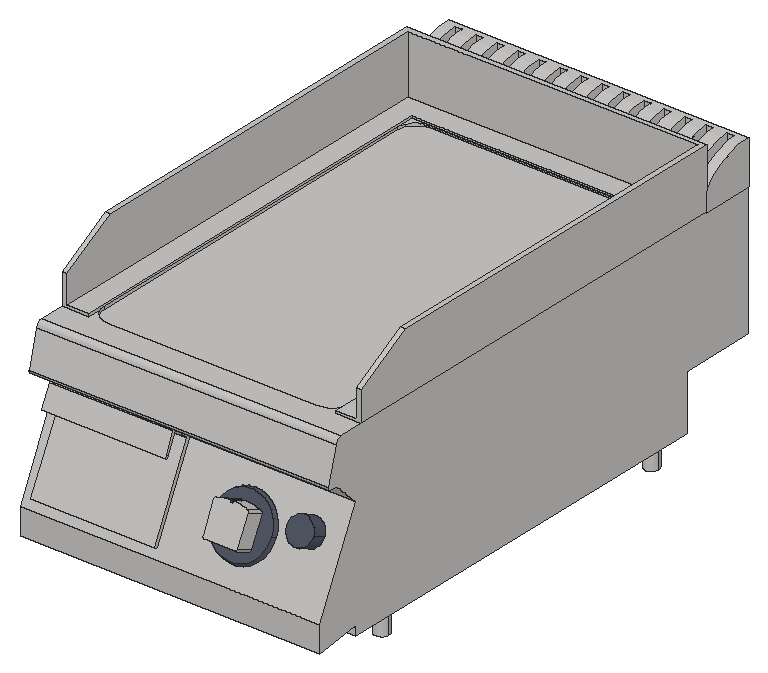
Revit family "QF_ZANUSSI_372037_Z7FTGDCS00", category Specialty Equipment, Revit 2018
Family settings
  Round Connector Dimension = Use Diameter
  Part Type = Normal
  Work Plane-Based = No
  Always vertical = Yes
  Cut with Voids When Loaded = No
  Shared = No
  Room Calculation Point = No
Parameters
  Width = 400 mm  # constant formula
  Weight in Pounds = 88  # constant formula
  Weight = 0.00 kg
  Watts = 0 W
  Volts = 0 V
  URL Manufacturer = "http://www.zanussiprofessional.com"
  URL Cutsheet = "www.electrolux.com/foodservice"
  URL = "http://www.zanussiprofessional.com"
  Type Mark [instance] = ""
  Steam Supply Size = 0"
  Steam Supply Minimum Pressure = 0.00 psi
  Steam Supply Maximum Pressure = 0.00 psi
  Steam Pounds per Hour = 0
  Status [instance] = ""
  Specification by User [instance] = ""
  Specification by Manufacturer = ""
  Show Logo [instance] = yes
  Show Clearance [instance] = yes
  Serial Number = ""
  Seismic Rating = ""
  SMACNA No = ""
  Revision Code [instance] = ""
  Refrigeration Suction Line Size = 0"
  Refrigeration Liquid Line Size = 0"
  Refrigerant Compressor Remote = yes
  Phase = 0
  Omniclass Number and Title = ""
  NAFEM Spec ID Number = ""
  Model = "Z7FTGDCS00"
  Mechanical Remarks = ""
  Mechanical Connection Type = ""
  Masterspec = ""
  Manufacturer = "Zanussi"
  Length Actual = 400 mm  # constant formula
  Item Number [instance] = "372037"
  Installed By [instance] = ""
  Identify Quantity as Lot [instance] = yes
  Hot Water Size = 0"
  Height Actual = 250 mm  # constant formula
  Height = 355 mm  # constant formula
  HP = "0 HP"
  Gas Size = 1/2"  # constant formula
  Gas RI Height [instance] = 0 mm
  Gas KW = 7  # constant formula
  Gas Input [instance] = 23863.0 Btu/h  # constant formula
  Gas Connection Height = 0 mm
  Furnished By [instance] = ""
  Foodservice Equipment Identifier [instance] = yes
  Direct Waste Size = 0"
  Description = "GAS FRY TOP-SMOOTH CHROME PLATE 400 MM"
  Depth Actual = 700 mm  # constant formula
  Depth = 715 mm  # constant formula
  Cycle = 0 Hz
  Condensate Return Size = 0"
  Compressed Air Volume = 0 GPM
  Compressed Air Size = 0"
  Compressed Air Pressure = 0.00 psi
  Cold Water Size = 0"
  CSI MasterFormat = ""
  CSI Master Format = ""
  Base Height [instance] = 24 mm  # constant formula
  Assembly Code = ""
  Accessory = yes
Reference planes
  plane 1 "BACK": y = 0
  plane 2: z = 0
  plane 3 "LEFT": x = 0
  plane 4 "RIGHT": x = 400
  plane 5 "FRONT": y = -715
  plane 6 "TOP": z = 288.925
  plane 7 "Center Y": x = 200
  plane 8 "Center X": y = -357.5
  plane 9 "BASE": z = 24
  plane 10 "TOP A": z = 274
  plane 11: y = -597.884
  plane 12: y = -147.637
  plane 13: z = 355
  plane 14: through (-6096, -715, 65.146) normal (0, 0.8956, -0.4448)
  plane 15 "panel": through (-6096, -655.161, 185.641) normal (0, -0.8956, 0.4448)
Forms (mm)
  Extrusion 1, solid, material "QF_Finishes_Stainless Steel"
    sketch origin (0, 0, 0) x (0, 1, 0) y (0, 0, 1)
      loop
        line (0, 98) -> (0, 274) -> (-679.358, 274)
        arc (-679.358, 274) -> (-684.643, 271.811) -> (-686.833, 266.526) r 7.474
        line (-686.833, 266.526) -> (-699.884, 221.011)
        arc (-699.884, 221.011) -> (-699.396, 218.379) -> (-697, 217.184) r 3
        line (-697, 217.184) -> (-686.802, 217.184) -> (-654.982, 185.364) -> (-715, 64.508) -> (-715, 29.508) -> (-658.645, 37.428)
        arc (-658.645, 37.428) -> (-656.101, 36.674) -> (-655, 34.259) r 3.2
        line (-655, 34.259) -> (-655, 24) -> (-103, 24) -> (-103, 98) -> (0, 98)
    from 0 to 400
  Extrusion 2, void
    sketch origin (0, -2.381, 274) x (-1, 0, 0) y (0, -1, 0)
      loop
        arc (-60.425, 102.504) -> (-42.464, 109.943) -> (-35.025, 127.904) r 25.4
        line (-35.025, 127.904) -> (-35.025, 617.104)
        arc (-35.025, 617.104) -> (-42.464, 635.064) -> (-60.425, 642.504) r 25.4
        line (-60.425, 642.504) -> (-339.575, 642.504)
        arc (-339.575, 642.504) -> (-357.536, 635.064) -> (-364.975, 617.104) r 25.4
        line (-364.975, 617.104) -> (-364.975, 127.904)
        arc (-364.975, 127.904) -> (-357.536, 109.943) -> (-339.575, 102.504) r 25.4
        line (-339.575, 102.504) -> (-60.425, 102.504)
    from 0 to -3.2
  Extrusion 3, solid, material "QF_Finishes_Stainless Steel"
    sketch origin (0, 0, 0) x (1, 0, 0) y (0, 1, 0)
      loop
        circle (11.112, -147.638) r 9.525
      loop
        circle (11.112, -597.884) r 9.525
      loop
        circle (388.887, -147.638) r 9.525
      loop
        circle (388.887, -597.884) r 9.525
    from 0 to 24
  Extrusion 4, solid, material "QF_Finishes_Stainless Steel"
    sketch origin (0, -101.6, 101.6) x (0, 0, -1) y (-1, 0, 0)
      loop
        circle (43.694, -347.613) r 6.35
    from 0 to 3.175
  Extrusion 5, solid, material "QF_Finishes_Clearance", visible <- "Show Clearance", detail levels coarse
    sketch origin (0, 0, 0) x (1, 0, 0) y (0, 1, 0)
      loop
        line (0, -715) -> (0, 0) -> (400, 0) -> (400, -715) -> (550.019, -715) -> (550.019, 150.019) -> (-150.019, 150.019) -> (-150.019, -715) -> (0, -715)
    from 0 to 355
  Extrusion 6, solid, material "QF_Finishes_Stainless Steel"
    sketch origin (0, -14.311, 0) x (0, 1, 0) y (0, 0, 1)
      loop
        line (-640.85, 185.828) -> (-659.988, 204.966)
        arc (-659.988, 204.966) -> (-664.455, 206.368) -> (-668.159, 203.504) r 5.058
        line (-668.159, 203.504) -> (-680.821, 175.994) -> (-677.937, 174.666) -> (-665.275, 202.176)
        arc (-665.275, 202.176) -> (-663.896, 203.243) -> (-662.233, 202.721) r 1.883
        line (-662.233, 202.721) -> (-644.727, 185.215) -> (-698.248, 77.444) -> (-695.339, 76.105) -> (-640.85, 185.828)
    from 12.7 to 177.8
  Extrusion 7, solid, material "QF_Finishes_Drawer Clearance", visible <- "Show Clearance", detail levels coarse
    sketch origin (0, -115.911, 0) x (0, 1, 0) y (0, 0, 1)
      loop
        line (-662.903, 76.105) -> (-593.739, 76.105) -> (-539.25, 185.828) -> (-558.388, 204.966)
        arc (-558.388, 204.966) -> (-560.449, 206.215) -> (-562.855, 206.368) r 5.058
        line (-562.855, 206.368) -> (-632.019, 206.368)
        arc (-632.019, 206.368) -> (-634.222, 205.39) -> (-635.723, 203.504) r 5.058
        line (-635.723, 203.504) -> (-648.385, 175.994) -> (-645.501, 174.666) -> (-632.839, 202.176)
        arc (-632.839, 202.176) -> (-631.46, 203.243) -> (-629.796, 202.721) r 1.883
        line (-629.796, 202.721) -> (-612.291, 185.215) -> (-665.811, 77.444) -> (-662.903, 76.105)
    from 12.7 to 177.8
  Extrusion 8, solid, material "QF_Finishes_Stainless Steel"
    sketch origin (0, 0, 0) x (0, 1, 0) y (0, 0, 1)
      loop
        line (0, 274) -> (0, 333.13)
        arc (0, 333.13) -> (-38.824, 324.814) -> (-69.85, 300.038) r 86.548
        line (-69.85, 300.038) -> (-69.85, 274) -> (0, 274)
    from 0 to 400.05
  Extrusion 9, void
    sketch origin (0, 0, 274.638) x (-1, 0, 0) y (0, -1, 0)
      loop
        line (-13.453, 6.761) -> (-13.453, 63.911) -> (-22.749, 63.911) -> (-22.749, 6.761) -> (-13.453, 6.761)
    from 25.4 to 63.5
  Extrusion 10, void
    sketch origin (400.05, 0, 274.638) x (1, 0, 0) y (0, 1, 0)
      loop
        line (-13.503, -6.761) -> (-22.799, -6.761) -> (-22.799, -63.911) -> (-13.503, -63.911) -> (-13.503, -6.761)
    from 25.4 to 63.5
  Extrusion 11, void
    sketch origin (27.988, 0, 274.638) x (-1, 0, 0) y (0, -1, 0)
      loop
        line (-13.453, 6.761) -> (-13.453, 63.911) -> (-22.749, 63.911) -> (-22.749, 6.761) -> (-13.453, 6.761)
    from 25.4 to 63.5
  Extrusion 12, void
    sketch origin (55.977, 0, 274.638) x (-1, 0, 0) y (0, -1, 0)
      loop
        line (-13.453, 6.761) -> (-13.453, 63.911) -> (-22.749, 63.911) -> (-22.749, 6.761) -> (-13.453, 6.761)
    from 25.4 to 63.5
  Extrusion 13, void
    sketch origin (83.965, 0, 274.638) x (-1, 0, 0) y (0, -1, 0)
      loop
        line (-13.428, 6.761) -> (-13.428, 63.911) -> (-22.724, 63.911) -> (-22.724, 6.761) -> (-13.428, 6.761)
    from 25.4 to 63.5
  Extrusion 14, void
    sketch origin (111.953, 0, 274.638) x (-1, 0, 0) y (0, -1, 0)
      loop
        line (-13.428, 6.761) -> (-13.428, 63.911) -> (-22.724, 63.911) -> (-22.724, 6.761) -> (-13.428, 6.761)
    from 25.4 to 63.5
  Extrusion 15, void
    sketch origin (139.942, 0, 274.638) x (-1, 0, 0) y (0, -1, 0)
      loop
        line (-13.428, 6.761) -> (-13.428, 63.911) -> (-22.724, 63.911) -> (-22.724, 6.761) -> (-13.428, 6.761)
    from 25.4 to 63.5
  Extrusion 16, void
    sketch origin (167.93, 0, 274.638) x (-1, 0, 0) y (0, -1, 0)
      loop
        line (-13.428, 6.761) -> (-13.428, 63.911) -> (-22.724, 63.911) -> (-22.724, 6.761) -> (-13.428, 6.761)
    from 25.4 to 63.5
  Extrusion 17, void
    sketch origin (195.918, 0, 274.638) x (-1, 0, 0) y (0, -1, 0)
      loop
        line (-13.428, 6.761) -> (-13.428, 63.911) -> (-22.724, 63.911) -> (-22.724, 6.761) -> (-13.428, 6.761)
    from 25.4 to 63.5
  Extrusion 18, void
    sketch origin (223.907, 0, 274.638) x (-1, 0, 0) y (0, -1, 0)
      loop
        line (-13.428, 6.761) -> (-13.428, 63.911) -> (-22.724, 63.911) -> (-22.724, 6.761) -> (-13.428, 6.761)
    from 25.4 to 63.5
  Extrusion 19, void
    sketch origin (251.895, 0, 274.638) x (-1, 0, 0) y (0, -1, 0)
      loop
        line (-13.428, 6.761) -> (-13.428, 63.911) -> (-22.724, 63.911) -> (-22.724, 6.761) -> (-13.428, 6.761)
    from 25.4 to 63.5
  Extrusion 20, void
    sketch origin (279.884, 0, 274.638) x (-1, 0, 0) y (0, -1, 0)
      loop
        line (-13.403, 6.761) -> (-13.403, 63.911) -> (-22.699, 63.911) -> (-22.699, 6.761) -> (-13.403, 6.761)
    from 25.4 to 63.5
  Extrusion 21, void
    sketch origin (307.872, 0, 274.638) x (-1, 0, 0) y (0, -1, 0)
      loop
        line (-13.403, 6.761) -> (-13.403, 63.911) -> (-22.699, 63.911) -> (-22.699, 6.761) -> (-13.403, 6.761)
    from 25.4 to 63.5
  Extrusion 22, void
    sketch origin (335.86, 0, 274.638) x (-1, 0, 0) y (0, -1, 0)
      loop
        line (-13.403, 6.761) -> (-13.403, 63.911) -> (-22.699, 63.911) -> (-22.699, 6.761) -> (-13.403, 6.761)
    from 25.4 to 63.5
  Sweep 23, solid, material "QF_Finishes_Stainless Steel"
    path origin (0, -2.381, 274) x (-1, 0, 0) y (0, -1, 0)
      loop
        line (-364.975, 642.504) -> (-364.975, 102.504) -> (-35.025, 102.504) -> (-35.025, 642.504)
    profile origin (35.025, -374.885, 274) x (1, 0, 0) y (0, 0, 1)
      loop
        line (-35.025, 0) -> (0, 0) -> (0, 3.175) -> (-28.675, 3.175) -> (-28.675, 81) -> (-35.025, 81) -> (-35.025, 0)
  Extrusion 24, void
    sketch origin (0, -69.86, 274) x (0, 1, 0) y (0, 0, 1)
      loop
        line (-575.025, 40.481) -> (-501.995, 81) -> (-575.025, 81) -> (-575.025, 40.481)
    from 0 to 6.35
  Extrusion 25, void
    sketch origin (400, -644.885, 274) x (0, -1, 0) y (0, 0, 1)
      loop
        line (0, 40.481) -> (0, 81) -> (-73.03, 81) -> (0, 40.481)
    from 0 to 6.35
  Extrusion 26, solid, material "QF_Plastic-Black-Matte"
    sketch origin (217.55, -684.991, 125.574) x (0, 0.444781, 0.895639) y (0, 0.895639, -0.444781)
      loop
        line (26.984, -34) -> (23.984, -34) -> (23.984, -35) -> (26.984, -35)
        arc (26.984, -35) -> (27.691, -34.707) -> (27.984, -34) r 1
        line (27.984, -34) -> (27.984, -19) -> (26.984, -19) -> (26.984, -34)
    from -58.5 to -56.5
  Extrusion 27, solid, material "QF_Finishes_Stainless Steel"
    sketch origin (275.05, -684.991, 125.574) x (-1, 0, 0) y (0, -0.444781, -0.895639)
      loop
        line (17.55, -17.5) -> (17.55, 17.5) -> (-17.45, 17.5) -> (-17.45, -17.5) -> (17.55, -17.5)
    from 5 to 10
  Blend 28, solid, material "QF_Finishes_Navy Blue"
    base sketch origin (275.05, -684.991, 125.574) x (1, 0, 0) y (0, 0.444781, 0.895639)
      loop
        circle (-0.05, 0) r 42.5
    top sketch origin (275.05, -684.991, 125.574) x (1, 0, 0) y (0, 0.444781, 0.895639)
      loop
        circle (-0.05, 0) r 40.5
    from 0 to 5
  Extrusion 29, solid, material "QF_Finishes_Stainless Steel"
    sketch origin (275.05, -684.991, 125.574) x (-1, 0, 0) y (0, -0.444781, -0.895639)
      loop
        arc (-21.097, -22.789) -> (0.05, -26.984) -> (21.197, -22.789) r 55.4
        arc (21.197, -22.789) -> (22.544, -21.685) -> (23.05, -20.019) r 2.997
        line (23.05, -20.019) -> (23.05, 20.019)
        arc (23.05, 20.019) -> (22.172, 22.138) -> (20.053, 23.016) r 2.997
        line (20.053, 23.016) -> (-19.953, 23.016)
        arc (-19.953, 23.016) -> (-22.072, 22.138) -> (-22.95, 20.019) r 2.997
        line (-22.95, 20.019) -> (-22.95, -20.019)
        arc (-22.95, -20.019) -> (-22.444, -21.685) -> (-21.097, -22.789) r 2.997
    from 10 to 34
  Extrusion 30, solid, material "QF_Finishes_Navy Blue"
    sketch origin (414.051, -676.095, 143.486) x (1, 0, 0) y (0, 0.444781, 0.895639)
      loop
        circle (-55.051, 0) r 18
    from 3 to 23
  Extrusion 31, solid, material "QF_Finishes_Stainless Steel"
    sketch origin (275.05, -676.095, 143.486) x (1, 0, 0) y (0, 0.444781, 0.895639)
      loop
        circle (83.95, 0) r 15
    from 3 to 0
Cuts and joins
  Extrusion 2 cuts Extrusion 1
  Extrusion 9, Extrusion 10, Extrusion 11, Extrusion 12, Extrusion 13, Extrusion 14, Extrusion 15, Extrusion 16, Extrusion 17, Extrusion 18, Extrusion 19, Extrusion 20, Extrusion 21, Extrusion 22 cuts Extrusion 8
  Extrusion 24, Extrusion 25 cuts Sweep 23
Lines and regions (mm)
  Split face 1
    outline origin (280.951, -689.469, 127.797) x (1, 0, 0) y (0, 0.444781, 0.895639)
      loop
        line (-8.901, 38.561) -> (-8.901, 28.561) -> (-2.901, 28.561) -> (-2.901, 38.561) -> (-8.901, 38.561)
  Split face 2
    outline origin (280.951, -689.469, 127.797) x (1, 0, 0) y (0, 0.444781, 0.895639)
      loop
        line (-8.401, 38.061) -> (-8.401, 29.061) -> (-3.401, 29.061) -> (-3.401, 38.061) -> (-8.401, 38.061)
  Split face 3
    outline origin (280.951, -689.469, 127.797) x (1, 0, 0) y (0, 0.444781, 0.895639)
      loop
        line (-8.401, 33.561) -> (-3.401, 33.561)
  Split face 4
    outline origin (280.951, -689.469, 127.797) x (1, 0, 0) y (0, 0.444781, 0.895639)
      loop
        line (-8.401, 33.061) -> (-3.401, 33.061)
  Split face 5
    outline origin (280.951, -689.469, 127.797) x (1, 0, 0) y (0, 0.444781, 0.895639)
      loop
        circle (-5.901, 35.811) r 2.031
  Split face 6
    outline origin (275.05, -689.469, 127.797) x (1, 0, 0) y (0, 0.444781, 0.895639)
      loop
        circle (-24.487, 26.694) r 3.497
  Split face 7
    outline origin (275.05, -689.469, 127.797) x (1, 0, 0) y (0, 0.444781, 0.895639)
      loop
        circle (-33, 0) r 3
  Split face 8
    outline origin (275.05, -689.469, 127.797) x (1, 0, 0) y (0, 0.444781, 0.895639)
      loop
        circle (-17.8, -29.371) r 1.5
  symbolic lines, style "QF-Clearances", visible <- "Show Clearance", detail levels coarse
    curve 1: line (-150.019, 150.019, 274) -> (-150.019, -715, 274)
    curve 2: line (550.019, 150.019, 274) -> (-150.019, 150.019, 274)
    curve 3: line (550.019, -716.377, 274) -> (550.019, 150.019, 274)
  symbolic lines
    curve 4: line (0, 0, 274) -> (400, 0, 274)
    curve 5: line (0, -715, 274) -> (0, 0, 274)
    curve 6: line (400, 0, 274) -> (400, -715, 274)
    curve 7: line (35.025, -130.285, 274) -> (35.025, -644.885, 274)
    curve 8: arc (35.025, -619.485, 274) -> (42.464, -637.445, 274) -> (60.425, -644.885, 274) r 25.4
    curve 9: line (0, -644.885, 274) -> (35.025, -644.885, 274)
    curve 10: arc (339.575, -644.885, 274) -> (357.536, -637.445, 274) -> (364.975, -619.485, 274) r 25.4
    curve 11: line (364.975, -644.885, 274) -> (364.975, -130.285, 274)
    curve 12: line (339.575, -104.885, 274) -> (60.425, -104.885, 274)
    curve 13: line (0, -69.85, 274) -> (400, -69.85, 274)
    curve 14: arc (60.425, -104.885, 274) -> (42.464, -112.324, 274) -> (35.025, -130.285, 274) r 25.4
    curve 15: arc (339.575, -104.885, 274) -> (357.536, -112.324, 274) -> (364.975, -130.285, 274) r 25.4
    curve 16: line (6.35, -76.21, 274) -> (6.35, -644.885, 274)
    curve 17: line (6.35, -76.21, 274) -> (393.65, -76.21, 274)
    curve 18: line (393.65, -76.21, 274) -> (393.65, -644.885, 274)
    curve 19: line (13.428, -6.761, 274) -> (22.724, -6.761, 274)
    curve 20: line (13.428, -63.911, 274) -> (13.428, -6.761, 274)
    curve 21: line (22.724, -63.911, 274) -> (13.428, -63.911, 274)
    curve 22: line (22.724, -6.761, 274) -> (22.724, -63.911, 274)
    curve 23: line (41.416, -6.761, 274) -> (50.712, -6.761, 274)
    curve 24: line (41.416, -63.911, 274) -> (41.416, -6.761, 274)
    curve 25: line (50.712, -63.911, 274) -> (41.416, -63.911, 274)
    curve 26: line (50.712, -6.761, 274) -> (50.712, -63.911, 274)
    curve 27: line (69.405, -6.761, 274) -> (78.7, -6.761, 274)
    curve 28: line (69.405, -63.911, 274) -> (69.405, -6.761, 274)
    curve 29: line (78.7, -63.911, 274) -> (69.405, -63.911, 274)
    curve 30: line (78.7, -6.761, 274) -> (78.7, -63.911, 274)
    curve 31: line (97.393, -6.761, 274) -> (106.689, -6.761, 274)
    curve 32: line (97.393, -63.911, 274) -> (97.393, -6.761, 274)
    curve 33: line (106.689, -63.911, 274) -> (97.393, -63.911, 274)
    curve 34: line (106.689, -6.761, 274) -> (106.689, -63.911, 274)
    curve 35: line (125.381, -6.761, 274) -> (134.677, -6.761, 274)
    curve 36: line (125.381, -63.911, 274) -> (125.381, -6.761, 274)
    curve 37: line (134.677, -63.911, 274) -> (125.381, -63.911, 274)
    curve 38: line (134.677, -6.761, 274) -> (134.677, -63.911, 274)
    curve 39: line (153.37, -6.761, 274) -> (162.665, -6.761, 274)
    curve 40: line (153.37, -63.911, 274) -> (153.37, -6.761, 274)
    curve 41: line (162.665, -63.911, 274) -> (153.37, -63.911, 274)
    curve 42: line (162.665, -6.761, 274) -> (162.665, -63.911, 274)
    curve 43: line (181.358, -6.761, 274) -> (190.654, -6.761, 274)
    curve 44: line (181.358, -63.911, 274) -> (181.358, -6.761, 274)
    curve 45: line (190.654, -63.911, 274) -> (181.358, -63.911, 274)
    curve 46: line (190.654, -6.761, 274) -> (190.654, -63.911, 274)
    curve 47: line (209.346, -6.761, 274) -> (218.642, -6.761, 274)
    curve 48: line (209.346, -63.911, 274) -> (209.346, -6.761, 274)
    curve 49: line (218.642, -63.911, 274) -> (209.346, -63.911, 274)
    curve 50: line (218.642, -6.761, 274) -> (218.642, -63.911, 274)
    curve 51: line (237.31, -6.761, 274) -> (246.605, -6.761, 274)
    curve 52: line (237.31, -63.911, 274) -> (237.31, -6.761, 274)
    curve 53: line (246.605, -63.911, 274) -> (237.31, -63.911, 274)
    curve 54: line (246.605, -6.761, 274) -> (246.605, -63.911, 274)
    curve 55: line (265.298, -6.761, 274) -> (274.594, -6.761, 274)
    curve 56: line (265.298, -63.911, 274) -> (265.298, -6.761, 274)
    curve 57: line (274.594, -63.911, 274) -> (265.298, -63.911, 274)
    curve 58: line (274.594, -6.761, 274) -> (274.594, -63.911, 274)
    curve 59: line (293.286, -6.761, 274) -> (302.582, -6.761, 274)
    curve 60: line (293.286, -63.911, 274) -> (293.286, -6.761, 274)
    curve 61: line (302.582, -63.911, 274) -> (293.286, -63.911, 274)
    curve 62: line (302.582, -6.761, 274) -> (302.582, -63.911, 274)
    curve 63: line (321.275, -6.761, 274) -> (330.57, -6.761, 274)
    curve 64: line (321.275, -63.911, 274) -> (321.275, -6.761, 274)
    curve 65: line (330.57, -63.911, 274) -> (321.275, -63.911, 274)
    curve 66: line (330.57, -6.761, 274) -> (330.57, -63.911, 274)
    curve 67: line (349.263, -6.761, 274) -> (358.559, -6.761, 274)
    curve 68: line (349.263, -63.911, 274) -> (349.263, -6.761, 274)
    curve 69: line (358.559, -63.911, 274) -> (349.263, -63.911, 274)
    curve 70: line (358.559, -6.761, 274) -> (358.559, -63.911, 274)
    curve 71: line (377.251, -6.761, 274) -> (386.547, -6.761, 274)
    curve 72: line (377.251, -63.911, 274) -> (377.251, -6.761, 274)
    curve 73: line (386.547, -63.911, 274) -> (377.251, -63.911, 274)
    curve 74: line (386.547, -6.761, 274) -> (386.547, -63.911, 274)
    curve 75: line (364.975, -644.885, 274) -> (400, -644.885, 274)
    curve 76: line (60.425, -644.885, 274) -> (339.575, -644.885, 274)
    curve 80: line (0.05, -700, 0) -> (400, -700, 0)
    curve 81: line (298.025, -700, 0) -> (298.025, -724.347, 0)
    curve 82: arc (298.025, -724.347, 0) -> (297.879, -724.811, 0) -> (297.493, -725.107, 0) r 0.809
    curve 83: arc (297.493, -725.107, 0) -> (296.305, -725.587, 0) -> (295.028, -725.68, 0) r 4.127
    curve 84: arc (298.025, -704.292, 0) -> (303.066, -702.458, 0) -> (307.834, -700, 0) r 42.24
    curve 85: arc (298.025, -706.539, 0) -> (297.523, -705.818, 0) -> (296.726, -705.448, 0) r 1.682
    curve 86: arc (296.726, -705.448, 0) -> (286.423, -703.95, 0) -> (276.025, -703.441, 0) r 109.079
    curve 87: line (276.025, -700, 0) -> (276.025, -705.671, 0)
    curve 88: line (276.025, -705.671, 0) -> (274.025, -705.671, 0)
    curve 89: line (274.025, -705.671, 0) -> (274.025, -700, 0)
    curve 90: line (252.025, -700, 0) -> (252.025, -724.347, 0)
    curve 91: arc (252.025, -724.347, 0) -> (252.171, -724.811, 0) -> (252.557, -725.107, 0) r 0.809
    curve 92: arc (252.557, -725.107, 0) -> (253.745, -725.587, 0) -> (255.022, -725.68, 0) r 4.127
    curve 93: arc (252.025, -704.292, 0) -> (246.984, -702.458, 0) -> (242.216, -700, 0) r 42.24
    curve 94: arc (252.025, -706.539, 0) -> (252.527, -705.818, 0) -> (253.324, -705.448, 0) r 1.682
    curve 95: arc (253.324, -705.448, 0) -> (263.627, -703.95, 0) -> (274.025, -703.441, 0) r 109.079
    curve 96: line (295.028, -725.68, 0) -> (255.022, -725.68, 0)
    curve 97: line (0, -715, 0) -> (252.025, -715, 0)
    curve 98: line (298.025, -715, 0) -> (400, -715, 0)
    curve 99: spline (342.63, -700, 0) -> (344.338, -701.323, 0) -> (346.579, -702.479, 0) -> (349.272, -703.424, 0) -> (352.319, -704.125, 0) -> (355.61, -704.556, 0) -> (359.025, -704.701, 0) -> (362.44, -704.556, 0) -> (365.731, -704.125, 0) -> (368.778, -703.424, 0) -> (371.471, -702.479, 0) -> (373.712, -701.323, 0) -> (375.42, -700, 0)
    curve 100: line (12.7, -715, 0) -> (12.7, -700, 0)
    curve 101: line (177.775, -715, 0) -> (177.775, -700, 0)
  symbolic lines, style "QF_Drawer Clearance"
    curve 77: line (12.7, -715, 0) -> (12.7, -767.387, 0)
    curve 78: line (12.7, -767.388, 0) -> (177.775, -767.388, 0)
    curve 79: line (177.775, -767.388, 0) -> (177.775, -715, 0)
Dimensions and locks
  equal spacing: plane 3 "LEFT", plane 7 "Center Y", plane 4 "RIGHT"
  "Width": plane 3 "LEFT" to plane 4 "RIGHT"
  equal spacing: plane 5 "FRONT", plane 8 "Center X", plane 1 "BACK"
  "Depth": plane 5 "FRONT" to plane 1 "BACK"
  plane 1 "BACK" to plane 5 "FRONT" = 715 mm
  "Base Height": plane 9 "BASE" to level
  plane 10 "TOP A" to plane 9 "BASE" = 250 mm  (x2)
  plane 4 "RIGHT" to Extrusion 4 sketch curve = 52.388 mm
  Sweep 23 sketch curve to level = 355 mm
  plane 9 "BASE" to level = 24 mm
  "Height": plane 13 to level
  Extrusion 4 sketch curve to plane 9 "BASE" = 33.906 mm
  aligned and locked: level to plane 2
  aligned and locked: plane 4 "RIGHT" to Extrusion 1
  aligned and locked: plane 9 "BASE" to Extrusion 3
  aligned: plane 6 "TOP" to Extrusion 5
  aligned and locked: Extrusion 5 to plane 13
Automatic sketch dimensions
  plane 1 "BACK" to Extrusion 13 sketch curve = 6.761 mm
  Extrusion 13 sketch curve to plane 7 "Center Y" = 93.311 mm
  Extrusion 13 sketch curve to Extrusion 13 sketch curve = 9.296 mm
  Extrusion 13 sketch curve to Extrusion 13 sketch curve = 57.15 mm
  plane 1 "BACK" to Extrusion 14 sketch curve = 6.761 mm
  Extrusion 14 sketch curve to plane 7 "Center Y" = 65.323 mm
  Extrusion 14 sketch curve to Extrusion 14 sketch curve = 9.296 mm
  Extrusion 14 sketch curve to Extrusion 14 sketch curve = 57.15 mm
  plane 1 "BACK" to Extrusion 15 sketch curve = 6.761 mm
  Extrusion 15 sketch curve to plane 7 "Center Y" = 37.335 mm
  Extrusion 15 sketch curve to Extrusion 15 sketch curve = 9.296 mm
  Extrusion 15 sketch curve to Extrusion 15 sketch curve = 57.15 mm
  Extrusion 16 sketch curve to plane 7 "Center Y" = 9.346 mm
  Extrusion 16 sketch curve to Extrusion 16 sketch curve = 9.296 mm
  plane 1 "BACK" to Extrusion 16 sketch curve = 6.761 mm
  Extrusion 16 sketch curve to Extrusion 16 sketch curve = 57.15 mm
  plane 1 "BACK" to Extrusion 17 sketch curve = 6.761 mm
  plane 7 "Center Y" to Extrusion 17 sketch curve = 18.642 mm
  Extrusion 17 sketch curve to Extrusion 17 sketch curve = 9.296 mm
  Extrusion 17 sketch curve to Extrusion 17 sketch curve = 57.15 mm
  plane 1 "BACK" to Extrusion 18 sketch curve = 6.761 mm
  plane 7 "Center Y" to Extrusion 18 sketch curve = 46.63 mm
  Extrusion 18 sketch curve to Extrusion 18 sketch curve = 9.296 mm
  Extrusion 18 sketch curve to Extrusion 18 sketch curve = 57.15 mm
  plane 1 "BACK" to Extrusion 19 sketch curve = 6.761 mm
  plane 7 "Center Y" to Extrusion 19 sketch curve = 74.619 mm
  Extrusion 19 sketch curve to Extrusion 19 sketch curve = 9.296 mm
  Extrusion 19 sketch curve to Extrusion 19 sketch curve = 57.15 mm
  Extrusion 2 sketch curve to plane 4 "RIGHT" = 35.025 mm
  Extrusion 2 sketch curve to Extrusion 2 sketch curve = 25.4 mm  (x3)
  Extrusion 2 sketch curve to plane 12 = 17.353 mm
  plane 3 "LEFT" to Extrusion 2 sketch curve = 60.425 mm  (x2)
  plane 11 to Extrusion 2 sketch curve = 21.6 mm
  plane 11 to Extrusion 3 sketch curve = 0 mm  (x2)
  plane 12 to Extrusion 3 sketch curve = 0 mm  (x2)
  plane 3 "LEFT" to Extrusion 3 sketch curve = 11.112 mm  (x2)
  Extrusion 3 sketch curve to plane 4 "RIGHT" = 11.113 mm  (x2)
  plane 1 "BACK" to Extrusion 5 sketch curve = 0 mm
  Extrusion 5 sketch curve to plane 3 "LEFT" = 0 mm
  Extrusion 5 sketch curve to plane 4 "RIGHT" = 0 mm
  Extrusion 5 sketch curve to plane 3 "LEFT" = 150.019 mm
  plane 5 "FRONT" to Extrusion 5 sketch curve = 0 mm  (x2)
  plane 4 "RIGHT" to Extrusion 5 sketch curve = 150.019 mm
  Extrusion 5 sketch curve to plane 1 "BACK" = 150.019 mm
  plane 1 "BACK" to curve 5 = 0 mm
  plane 4 "RIGHT" to curve 3 = 150.019 mm
  curve 18 to plane 4 "RIGHT" = 6.35 mm
  curve 74 to plane 4 "RIGHT" = 13.453 mm
  curve 73 to curve 73 = 9.296 mm
  curve 15 to plane 4 "RIGHT" = 35.025 mm
  plane 1 "BACK" to curve 70 = 6.761 mm
  curve 71 to curve 70 = 18.693 mm
  curve 67 to curve 68 = 9.296 mm
  curve 15 to curve 15 = 25.4 mm
  curve 68 to curve 66 = 18.693 mm
  curve 63 to curve 63 = 9.296 mm
  curve 64 to curve 62 = 18.693 mm
  curve 61 to curve 61 = 9.296 mm
  curve 60 to curve 58 = 18.693 mm
  curve 55 to curve 56 = 9.296 mm
  plane 1 "BACK" to curve 51 = 6.761 mm
  curve 55 to curve 51 = 18.693 mm
  curve 53 to curve 53 = 9.296 mm
  plane 1 "BACK" to curve 50 = 6.761 mm
  plane 7 "Center Y" to curve 50 = 18.642 mm
  curve 49 to curve 49 = 9.296 mm
  curve 46 to plane 7 "Center Y" = 9.346 mm
  curve 43 to curve 44 = 9.296 mm
  plane 1 "BACK" to curve 39 = 6.761 mm
  curve 43 to curve 39 = 18.693 mm
  curve 39 to curve 40 = 9.296 mm
  curve 40 to curve 38 = 18.693 mm
  curve 37 to curve 36 = 9.296 mm
  curve 36 to curve 33 = 18.693 mm
  curve 31 to curve 32 = 9.296 mm
  curve 32 to curve 30 = 18.693 mm
  curve 29 to curve 28 = 9.296 mm
  curve 14 to plane 12 = 17.353 mm
  plane 3 "LEFT" to curve 14 = 60.425 mm
  curve 28 to curve 25 = 18.693 mm
  curve 25 to curve 25 = 9.296 mm
  plane 1 "BACK" to curve 19 = 6.761 mm
  curve 23 to curve 19 = 18.693 mm
  curve 19 to curve 20 = 9.296 mm
  plane 3 "LEFT" to curve 16 = 6.35 mm
  plane 5 "FRONT" to curve 1 = 0 mm
  curve 1 to plane 3 "LEFT" = 150.019 mm
  curve 2 to plane 1 "BACK" = 150.019 mm
  plane 1 "BACK" to curve 71 = 6.761 mm
  plane 1 "BACK" to curve 66 = 6.761 mm
  plane 1 "BACK" to curve 62 = 6.761 mm
  plane 1 "BACK" to curve 58 = 6.761 mm
  plane 1 "BACK" to curve 46 = 6.761 mm
  plane 1 "BACK" to curve 38 = 6.761 mm
  plane 1 "BACK" to curve 34 = 6.761 mm
  plane 1 "BACK" to curve 30 = 6.761 mm
  plane 1 "BACK" to curve 23 = 6.761 mm
  curve 25 to curve 14 = 40.974 mm
  curve 22 to curve 24 = 0 mm
  curve 25 to curve 28 = 0 mm
  curve 73 to curve 12 = 40.974 mm
  curve 29 to curve 32 = 0 mm
  curve 70 to curve 72 = 0 mm
  curve 33 to curve 36 = 0 mm
  curve 66 to curve 68 = 0 mm
  curve 37 to curve 40 = 0 mm
  curve 62 to curve 64 = 0 mm
  curve 41 to curve 44 = 0 mm
  curve 58 to curve 60 = 0 mm
  curve 45 to curve 48 = 0 mm
  curve 54 to curve 56 = 0 mm
  curve 73 to curve 13 = 5.939 mm
  curve 13 to curve 17 = 6.36 mm
  plane 11 to curve 10 = 21.6 mm
  plane 5 "FRONT" to curve 3 = 1.377 mm
  Extrusion 8 sketch curve to plane 10 "TOP A" = 0 mm
  Extrusion 8 sketch curve to plane 1 "BACK" = 0 mm
  plane 1 "BACK" to Extrusion 8 sketch curve = 1.769 mm
  plane 6 "TOP" to Extrusion 8 sketch curve = 11.113 mm
  plane 1 "BACK" to Extrusion 8 sketch curve = 69.85 mm
  Extrusion 8 sketch curve to plane 10 "TOP A" = 27.4 mm
  plane 1 "BACK" to Extrusion 9 sketch curve = 6.761 mm
  plane 3 "LEFT" to Extrusion 9 sketch curve = 22.749 mm
  Extrusion 9 sketch curve to Extrusion 9 sketch curve = 9.296 mm
  Extrusion 9 sketch curve to Extrusion 9 sketch curve = 57.15 mm
  Extrusion 10 sketch curve to plane 1 "BACK" = 6.761 mm
  plane 4 "RIGHT" to Extrusion 10 sketch curve = 22.749 mm
  Extrusion 10 sketch curve to Extrusion 10 sketch curve = 9.296 mm
  Extrusion 10 sketch curve to Extrusion 10 sketch curve = 57.15 mm
  plane 1 "BACK" to Extrusion 11 sketch curve = 6.761 mm
  plane 3 "LEFT" to Extrusion 11 sketch curve = 50.737 mm
  Extrusion 11 sketch curve to Extrusion 11 sketch curve = 9.296 mm
  Extrusion 11 sketch curve to Extrusion 11 sketch curve = 57.15 mm
  plane 1 "BACK" to Extrusion 12 sketch curve = 6.761 mm
  plane 3 "LEFT" to Extrusion 12 sketch curve = 78.725 mm
  Extrusion 12 sketch curve to Extrusion 12 sketch curve = 9.296 mm
  Extrusion 12 sketch curve to Extrusion 12 sketch curve = 57.15 mm
  plane 1 "BACK" to Extrusion 20 sketch curve = 6.761 mm
  Extrusion 20 sketch curve to plane 4 "RIGHT" = 97.418 mm
  Extrusion 20 sketch curve to Extrusion 20 sketch curve = 9.296 mm
  Extrusion 20 sketch curve to Extrusion 20 sketch curve = 57.15 mm
  plane 1 "BACK" to Extrusion 21 sketch curve = 6.761 mm
  Extrusion 21 sketch curve to plane 4 "RIGHT" = 69.43 mm
  Extrusion 21 sketch curve to Extrusion 21 sketch curve = 9.296 mm
  Extrusion 21 sketch curve to Extrusion 21 sketch curve = 57.15 mm
  plane 1 "BACK" to Extrusion 22 sketch curve = 6.761 mm
  Extrusion 22 sketch curve to plane 4 "RIGHT" = 41.441 mm
  Extrusion 22 sketch curve to Extrusion 22 sketch curve = 9.296 mm
  Extrusion 22 sketch curve to Extrusion 22 sketch curve = 57.15 mm
  Sweep 23 sketch curve to plane 4 "RIGHT" = 35.025 mm
  plane 3 "LEFT" to Sweep 23 sketch curve = 35.025 mm
  Sweep 23 sketch curve to plane 12 = 42.753 mm
  plane 11 to Sweep 23 sketch curve = 47 mm  (x2)
  Sweep 23 sketch curve to plane 10 "TOP A" = 0 mm
  profile plane to Sweep 23 sketch curve = 0 mm
  profile plane to Sweep 23 sketch curve = 28.675 mm
  Sweep 23 sketch curve to Sweep 23 sketch curve = 6.35 mm
  plane 10 "TOP A" to Sweep 23 sketch curve = 3.175 mm
  Extrusion 24 sketch curve to Sweep 23 = 0 mm  (x2)
  Extrusion 24 sketch curve to Extrusion 24 sketch curve = 73.03 mm
  Extrusion 24 sketch curve to Sweep 23 = 40.481 mm
  Sweep 23 to Extrusion 25 sketch curve = 0 mm
  Extrusion 25 sketch curve to Sweep 23 = 0 mm
  Extrusion 25 sketch curve to Extrusion 25 sketch curve = 73.03 mm
  Extrusion 25 sketch curve to Sweep 23 = 40.481 mm
  plane 11 to curve 8 = 21.6 mm
  curve 10 to curve 11 = 25.4 mm
  curve 16 to curve 76 = 0 mm
  curve 75 to curve 76 = 25.4 mm
  curve 14 to curve 14 = 25.4 mm
  Extrusion 6 sketch curve to Extrusion 6 sketch curve = 0 mm  (x2)
  Extrusion 6 sketch curve to plane 5 "FRONT" = 2.441 mm
  Extrusion 6 sketch curve to plane 5 "FRONT" = 19.868 mm
  Extrusion 6 sketch curve to Extrusion 6 sketch curve = 2.884 mm  (x2)
  Extrusion 6 sketch curve to Extrusion 6 sketch curve = 12.662 mm
  Extrusion 6 sketch curve to Extrusion 6 sketch curve = 1.711 mm
  Extrusion 6 sketch curve to Extrusion 6 sketch curve = 1.332 mm
  Extrusion 6 sketch curve to Extrusion 6 sketch curve = 2.245 mm
  Extrusion 6 sketch curve to Extrusion 6 sketch curve = 17.505 mm
  plane 9 "BASE" to Extrusion 6 sketch curve = 52.105 mm
  Extrusion 6 sketch curve to Extrusion 6 sketch curve = 1.339 mm
  Extrusion 6 sketch curve to Extrusion 6 sketch curve = 10.549 mm
  Extrusion 6 sketch curve to Extrusion 6 sketch curve = 1.327 mm
  Extrusion 6 sketch curve to Extrusion 6 sketch curve = 0.787 mm
  Extrusion 6 sketch curve to Extrusion 6 sketch curve = 0.613 mm
  Extrusion 6 sketch curve to Extrusion 6 sketch curve = 97.223 mm
  Extrusion 6 sketch curve to Extrusion 6 sketch curve = 2.908 mm
  Extrusion 6 sketch curve to Extrusion 6 sketch curve = 3.877 mm
  Extrusion 7 sketch curve to Extrusion 7 sketch curve = 0 mm  (x2)
  plane 5 "FRONT" to Extrusion 7 sketch curve = 66.723 mm
  Extrusion 7 sketch curve to Extrusion 7 sketch curve = 2.908 mm
  plane 5 "FRONT" to Extrusion 7 sketch curve = 49.296 mm
  Extrusion 7 sketch curve to Extrusion 7 sketch curve = 2.884 mm  (x2)
  Extrusion 7 sketch curve to Extrusion 7 sketch curve = 12.662 mm
  Extrusion 7 sketch curve to Extrusion 7 sketch curve = 0.82 mm
  Extrusion 7 sketch curve to Extrusion 7 sketch curve = 1.711 mm
  Extrusion 7 sketch curve to Extrusion 7 sketch curve = 1.332 mm
  plane 5 "FRONT" to Extrusion 7 sketch curve = 13.202 mm
  Extrusion 7 sketch curve to plane 5 "FRONT" = 5.349 mm
  Extrusion 7 sketch curve to plane 5 "FRONT" = 37.125 mm
  Extrusion 7 sketch curve to Extrusion 7 sketch curve = 3.577 mm
  Extrusion 7 sketch curve to Extrusion 7 sketch curve = 19.137 mm
  plane 9 "BASE" to Extrusion 7 sketch curve = 52.105 mm
  Extrusion 7 sketch curve to Extrusion 7 sketch curve = 1.339 mm
  Extrusion 7 sketch curve to Extrusion 7 sketch curve = 97.223 mm
  Extrusion 7 sketch curve to Extrusion 7 sketch curve = 1.327 mm
  Extrusion 7 sketch curve to Extrusion 7 sketch curve = 16.961 mm
  Extrusion 7 sketch curve to Extrusion 7 sketch curve = 0.613 mm
  Extrusion 7 sketch curve to Extrusion 7 sketch curve = 0.787 mm
  Extrusion 7 sketch curve to Extrusion 7 sketch curve = 1.402 mm
  Extrusion 7 sketch curve to Extrusion 7 sketch curve = 4.467 mm
  Extrusion 26 sketch curve to plane 14 = 35 mm
  Extrusion 26 sketch curve to plane 5 "FRONT" = 9.329 mm
  Extrusion 26 sketch curve to Extrusion 26 sketch curve = 3 mm
  Extrusion 26 sketch curve to Extrusion 26 sketch curve = 0 mm
  Extrusion 26 sketch curve to Extrusion 26 sketch curve = 1 mm  (x2)
  Extrusion 26 sketch curve to Extrusion 26 sketch curve = 15 mm
  Extrusion 27 sketch curve to plane 4 "RIGHT" = 107.5 mm
  Extrusion 27 sketch curve to Extrusion 27 sketch curve = 35 mm  (x2)
  Blend 28 sketch curve to plane 4 "RIGHT" = 125 mm  (x2)
  Extrusion 29 sketch curve to plane 4 "RIGHT" = 102 mm
  Extrusion 29 sketch curve to Extrusion 29 sketch curve = 2.997 mm  (x3)
  Extrusion 29 sketch curve to Extrusion 29 sketch curve = 20.003 mm  (x2)
  Extrusion 29 sketch curve to plane 4 "RIGHT" = 145.003 mm
  Extrusion 29 sketch curve to Extrusion 29 sketch curve = 0 mm  (x2)
  Extrusion 29 sketch curve to Extrusion 29 sketch curve = 40.037 mm
  Extrusion 29 sketch curve to Extrusion 29 sketch curve = 5.399 mm
  Split face 1 sketch curve to Split face 1 sketch curve = 6 mm
  Split face 1 sketch curve to Split face 1 sketch curve = 10 mm
  Split face 2 sketch curve to Split face 2 sketch curve = 5 mm
  Split face 2 sketch curve to Split face 2 sketch curve = 9 mm
  Split face 3 sketch curve to Split face 3 sketch curve = 5 mm
  Split face 4 sketch curve to Split face 4 sketch curve = 5 mm
  Extrusion 30 sketch curve to plane 4 "RIGHT" = 41 mm
  Extrusion 31 sketch curve to plane 4 "RIGHT" = 41 mm
  curve 6 to plane 4 "RIGHT" = 0 mm
  curve 5 to plane 3 "LEFT" = 0 mm
  plane 5 "FRONT" to curve 5 = 0 mm
  plane 5 "FRONT" to curve 6 = 0 mm
  curve 97 to plane 3 "LEFT" = 0 mm
  plane 5 "FRONT" to curve 101 = 0 mm
  plane 5 "FRONT" to curve 98 = 0 mm
  curve 80 to plane 4 "RIGHT" = 0 mm
  curve 98 to plane 4 "RIGHT" = 0 mm
  plane 3 "LEFT" to curve 78 = 12.7 mm
  curve 79 to plane 7 "Center Y" = 22.225 mm
  plane 5 "FRONT" to curve 90 = 9.347 mm
  plane 7 "Center Y" to curve 90 = 52.025 mm
  curve 91 to curve 91 = 0.809 mm
  curve 94 to curve 94 = 1.583 mm
  curve 91 to curve 92 = 1.846 mm
  curve 91 to curve 96 = 2.189 mm
  curve 90 to curve 93 = 11.892 mm
  curve 89 to plane 5 "FRONT" = 9.329 mm
  curve 94 to curve 89 = 20.417 mm
  plane 7 "Center Y" to curve 95 = 74.156 mm
  curve 95 to curve 86 = 1.738 mm
  curve 88 to curve 88 = 2 mm
  curve 93 to curve 84 = 22.215 mm
  curve 87 to curve 96 = 19.003 mm
  curve 83 to curve 83 = 0.343 mm
  curve 83 to curve 85 = 1.071 mm
  curve 83 to curve 82 = 2.189 mm
  curve 82 to curve 81 = 0.809 mm
  plane 5 "FRONT" to curve 96 = 10.68 mm
  curve 77 to curve 77 = 52.388 mm
  curve 86 to curve 96 = 86.839 mm
  curve 95 to curve 86 = 0 mm
  curve 83 to curve 81 = 1.333 mm
  curve 82 to curve 83 = 2.779 mm
  curve 91 to curve 92 = 2.779 mm
  curve 85 to plane 5 "FRONT" = 7.894 mm
  curve 94 to plane 5 "FRONT" = 7.894 mm
  curve 93 to curve 84 = 0 mm
  plane 3 "LEFT" to curve 80 = 0.05 mm
  curve 100 to curve 77 = 0 mm
  curve 101 to curve 79 = 0 mm
  curve 93 to curve 90 = 9.809 mm
  curve 95 to curve 94 = 0.284 mm
  curve 85 to curve 86 = 0.284 mm
  curve 81 to curve 84 = 9.809 mm
  curve 84 to curve 99 = 34.796 mm
  curve 99 to curve 99 = 16.395 mm
  curve 99 to curve 99 = 1.605 mm
  curve 85 to curve 85 = 0.567 mm
  curve 94 to curve 94 = 0.567 mm
  curve 95 to curve 93 = 1.156 mm
  curve 101 to curve 101 = 15 mm
  curve 99 to curve 99 = 3.305 mm
  Extrusion 1 sketch curve to plane 8 "Center X" = 357.5 mm
  Extrusion 1 sketch curve to plane 13 = 133.989 mm
  Extrusion 1 sketch curve to plane 8 "Center X" = 342.384 mm
  Extrusion 1 sketch curve to Extrusion 1 sketch curve = 2.884 mm
  Extrusion 1 sketch curve to Extrusion 1 sketch curve = 13.051 mm
  Extrusion 1 sketch curve to plane 13 = 137.816 mm
  Extrusion 1 sketch curve to Extrusion 1 sketch curve = 10.198 mm
  Extrusion 1 sketch curve to Extrusion 1 sketch curve = 7.474 mm
  Extrusion 1 sketch curve to Extrusion 1 sketch curve = 56.355 mm
  Extrusion 1 sketch curve to Extrusion 1 sketch curve = 0.445 mm
  Extrusion 1 sketch curve to Extrusion 1 sketch curve = 3.2 mm
  Extrusion 1 sketch curve to plane 13 = 169.636 mm
  Extrusion 1 sketch curve to Extrusion 1 sketch curve = 31.82 mm
  Extrusion 1 sketch curve to plane 10 "TOP A" = 250 mm
  plane 1 "BACK" to Extrusion 1 sketch curve = 103 mm
  Extrusion 1 sketch curve to plane 13 = 81 mm
  Extrusion 1 sketch curve to Extrusion 1 sketch curve = 103 mm
  Extrusion 1 sketch curve to Extrusion 1 sketch curve = 5.508 mm
  Extrusion 1 sketch curve to Extrusion 1 sketch curve = 10.259 mm
  Extrusion 1 sketch curve to Extrusion 1 sketch curve = 35 mm
  Extrusion 1 sketch curve to plane 10 "TOP A" = 176 mm
  radius of Extrusion 3 sketch curve = 9.525 mm  (x4)
  radius of Extrusion 4 sketch curve = 6.35 mm
  radius of Blend 28 sketch curve = 42.5 mm
  radius of Blend 28 sketch curve = 40.5 mm
  radius of Split face 5 sketch curve = 2.031 mm
  radius of Split face 6 sketch curve = 3.497 mm
  radius of Split face 7 sketch curve = 3 mm
  radius of Split face 8 sketch curve = 1.5 mm
  radius of Extrusion 30 sketch curve = 18 mm
  radius of Extrusion 31 sketch curve = 15 mm
Connectors
  piping at (347.613, -98.425, 57.906), diameter 12.7, driven by "Gas Size"
    settings: on Extrusion 4, index 1, connector inside diameter 1/2", connector length 0 mm, flow factor 0, pipe flow 0 GPM, pressure drop 0.00 psi, fitting loss kfactor 0, connector angle 0.00°, fixture units 0, engagement length 0 mm, angle of deflection 0.00°, flow configuration 1, flow direction 1, fitting loss method 0, system type 7, joint type 0, gender type 0, connector reference index -1, connector utility 0, adjustable connector no, is connector primary yes, connector description "Gas Connection"
